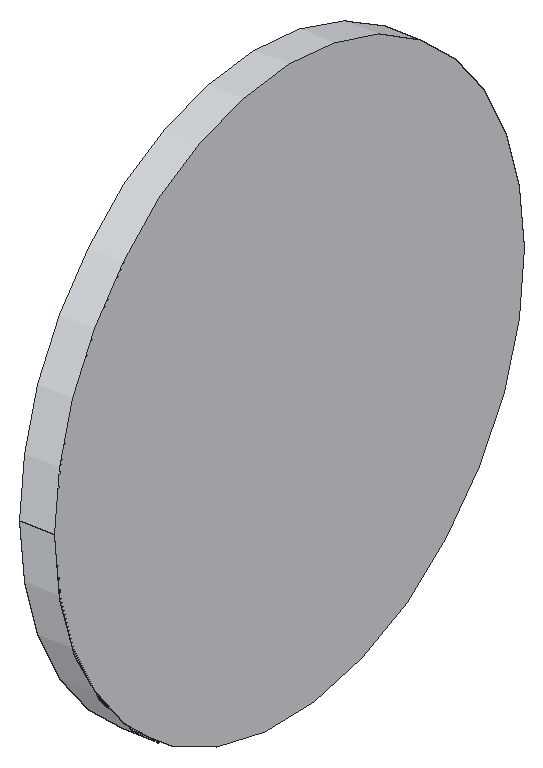
Revit family "RAUPIANO PLUS Socket Plug", category Pipe Fittings, Revit 2012
Parameters (values of type "Standard")
  re [instance] = de * 0.5  # 20 mm
  de [instance] = size_lookup(Lookup Table Name, "de", 0 mm, Nominal Diameter)  # 40 mm
  Type Comments = "RAU-PP; Push-fit; White"  # constant formula
  Thermal expansion coefficient [instance] = "0,09 mm/m.K"  # constant formula
  Temperature resistance [instance] = "90°C (continuous), 95°C (short term)"  # constant formula
  T8 = "DN 200"
  T7 = "DN 160"
  T6 = "DN 125"
  T5 = "DN 110"
  T4 = "DN 90"
  T3 = "DN 75"
  T2 = "DN 50"
  T1 = "DN 40"
  Spec Text [instance] = if(D = 40 mm, T1, if(D = 50 mm, T2, if(D = 75 mm, T3, if(D = 90 mm, T4, if(D = 110 mm, T5, if(D = 125 mm, T6, if(D = 160 mm, T7, if(D = 200 mm, T8, Fail))))))))  # "DN 40"
  Pressure resistance [instance] = "1 bar (100 kPa, 10m)"  # constant formula
  Model = ""
  Materialcode SAP [instance] = if(D = 40 mm, M1, if(D = 50 mm, M2, if(D = 75 mm, M3, if(D = 90 mm, M4, if(D = 110 mm, M5, if(D = 125 mm, M6, if(D = 160 mm, M7, if(D = 200 mm, M8, Fail))))))))  # "11231341001"
  Manufacturer = "REHAU"  # constant formula
  M8 = "11239741001"
  M7 = "11237741002"
  M6 = "11206241001"
  M5 = "11214741001"
  M4 = "11233341001"
  M3 = "11214641001"
  M2 = "11231341001"
  M1 = "11231341001"
  L [instance] = size_lookup(Lookup Table Name, "Lgt", 0 mm, Nominal Diameter)  # 33 mm
  Nominal Radius [instance] = 20 mm
  Nominal Diameter [instance] = Nominal Radius * 2  # 40 mm
  Loss Method = Not Defined
  Lookup Table Name = "RAUPIANO Socket Plug.csv"
  K Coefficient Table = (empty or 0)
  Health and environmental impact [instance] = "Halogen-free (no F, Cl, Br, J) and 100% recyclable"  # constant formula
  Fire load [instance] = "14.992 kJ/kg"  # constant formula
  Fire behaviour [instance] = "B2 (DIN 4102); D,S3-d0 (EN 13501-1)"  # constant formula
  Fail = "No article found"
  Description = "REHAU RAUPIANO PLUS socket plug"  # constant formula
  D Cap [instance] = re + 5 mm  # 25 mm
  D [instance] = Nominal Diameter  # 40 mm
  Class [instance] = "SN4"  # constant formula
  Chemical resistance [instance] = "pH 2 - 12"  # constant formula
  Article No [instance] = if(D = 40 mm, A1, if(D = 50 mm, A2, if(D = 75 mm, A3, if(D = 90 mm, A4, if(D = 110 mm, A5, if(D = 125 mm, A6, if(D = 160 mm, A7, if(D = 200 mm, A8, Fail))))))))  # "123134-001"
  Application [instance] = "Not to be exposed to UV-radiation"  # constant formula
  Acoustic properties [instance] = "Rw + Ctr 42 (with industry standard suspended ceiling)"  # constant formula
  A8 = "123974-001"
  A7 = "123774-002"
  A6 = "120624-001"
  A5 = "121474-001"
  A4 = "123334-001"
  A3 = "121464-001"
  A2 = "121454-001"
  A1 = "123134-001"
Reference planes
  plane 1 "Center (Front/Back)": y = 0
  plane 2: z = 0
  plane 3 "0": x = -23
  plane 4: y = 20
  plane 5 "1": x = -59
  plane 6: x = -41
  plane 7: y = -20
  plane 8: z = 20
  plane 9: z = -20
  plane 10 "Center (Left/Right)": x = -26
  plane 11: z = 25
  plane 12: z = -25
  plane 13: y = 25
  plane 14: y = -25
Forms (mm)
  Sweep 1, solid, detail levels fine
    path in 3D
      loop
        line (-26, 0, 0) -> (-23, 0, 0)
    profile origin (-24.5, 0, 0) x (0, 1, 0) y (0, 0, 1)
      loop
        circle (0, 0) r 25
Lines and regions (mm)
  reference lines
    curve 1: line (-59, 0, 0) -> (-26, 0, 0)
    curve 4: line (-26, 0, 0) -> (-23, 0, 0)
  model lines, detail levels coarse+medium
    curve 2: line (-23, 20, 0) -> (-23, -20, 0)
    curve 8: line (-26, -20, 0) -> (-23, -20, 0)
    curve 9: line (-26, 20, 0) -> (-23, 20, 0)
    curve 10: line (-26, 0, 0) -> (-23, 0, 0)
  model lines, style "Symbol", detail levels coarse+medium
    curve 3: line (-23, 0, 20) -> (-23, 0, -20)
    curve 6: line (-26, 0, 20) -> (-23, 0, 20)
    curve 7: line (-26, 0, -20) -> (-23, 0, -20)
  sketch lines
    curve 5: line (-26, 0, 0) -> (-23, 0, 0)
Dimensions and locks
  "Nominal Radius": plane 4 to plane 1 "Center (Front/Back)"
  "L": plane 5 "1" to plane 10 "Center (Left/Right)"
  equal spacing: plane 5 "1", plane 6, plane 3 "0"
  equal spacing: plane 7, plane 1 "Center (Front/Back)", plane 4
  equal spacing: plane 8, level, plane 9
  "Nominal Radius": plane 8 to level
  locked: plane 10 "Center (Left/Right)" to plane 3 "0" at 3
  equal spacing: plane 11, plane 2, plane 12
  "D Cap": plane 11 to plane 2
  equal spacing: plane 13, plane 1 "Center (Front/Back)", plane 14
  "D Cap": plane 13 to plane 1 "Center (Front/Back)"
  "D Cap": radius of Sweep 1 sketch curve
  aligned and locked: plane 5 "1" to curve 1
  aligned and locked: plane 1 "Center (Front/Back)" to curve 1
  aligned and locked: plane 3 "0" to curve 4
  aligned and locked: plane 10 "Center (Left/Right)" to curve 6
  aligned and locked: plane 3 "0" to curve 6
  aligned and locked: plane 10 "Center (Left/Right)" to curve 7
  aligned and locked: plane 3 "0" to curve 7
  aligned and locked: plane 10 "Center (Left/Right)" to curve 9
  aligned and locked: plane 3 "0" to curve 9
  aligned and locked: plane 10 "Center (Left/Right)" to curve 8
  aligned and locked: plane 3 "0" to Sweep 1
  aligned and locked: plane 4 to curve 2
  aligned and locked: curve 9 to plane 4
  aligned and locked: curve 8 to plane 7
  aligned and locked: curve 6 to plane 8
  aligned and locked: plane 9 to curve 7
  aligned and locked: plane 10 "Center (Left/Right)" to curve 10
  aligned and locked: plane 3 "0" to curve 10
  aligned and locked: plane 1 "Center (Front/Back)" to curve 10
Automatic sketch dimensions
  curve 4 to plane 10 "Center (Left/Right)" = 0 mm
  Sweep 1 sketch curve to profile plane = 0 mm  (x2)
Connectors
  piping at (-26, 0, 0), driven by "Nominal Radius"
    settings: on Sweep 1, index 1, connector radius 20 mm, flow factor 0, pipe flow 0.0 L/s, pressure drop 0.0 Pa, fitting loss kfactor 0, connector angle 0.00°, fixture units 0, engagement length 0 mm, flow configuration 0, flow direction 0, fitting loss method 0, system type 28, joint type 0, gender type 0, connector reference index -1, connector utility 0, adjustable connector no, is connector primary yes, fitting loss table "", connector description ""
